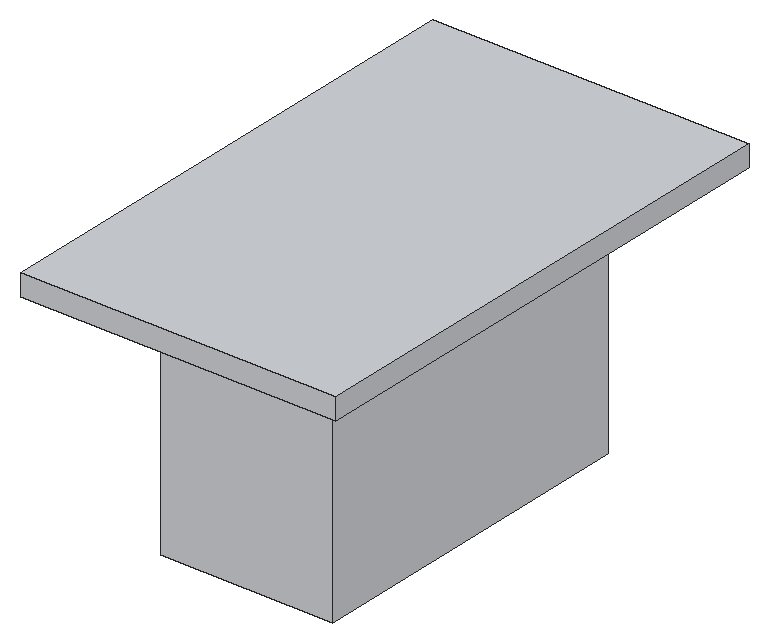
Revit family "bc8ea3b6f60144f49e5deb04293f44c4", category Telephone Devices, host Face, Revit 2021
Family settings
  Host = Face
  Maintain Annotation Orientation = Yes
  Round Connector Dimension = Use Diameter
  Part Type = Normal
  OmniClass Number = 23.85.50.14
  OmniClass Title = Telephone and Intercommunication Equipment
  Seek Item ID = Telephone Outlet - Dual-0000-USA-ENU
  Cut with Voids When Loaded = No
  Shared = No
  Room Calculation Point = No
Parameters (values of type "Standard")
  Default Elevation = 1' - 6"
  Assembly Code = ""
Reference planes (in)
  plane 1 "Center (Front/Back)": y = 0
  plane 2: z = 0
  plane 3 "Center (Left/Right)": x = 0
  plane 4: x = -1.375
  plane 5: x = -0.75
  plane 6: y = 2.25
  plane 7: y = 1.5
  plane 8: x = 1.375
  plane 9: x = 0.75
  plane 10: y = -2.25
  plane 11: y = -1.5
  plane 12: z = 0.1875
  plane 13: z = -2.125
Forms (in)
  Extrusion 1, solid
    sketch origin (0, 0, 0) x (1, 0, 0) y (0, 1, 0)
      loop
        line (-0.75, 1.5) -> (-0.75, -1.5) -> (0.75, -1.5) -> (0.75, 1.5) -> (-0.75, 1.5)
    from -2.125 to 0
  Extrusion 2, solid
    sketch origin (0, 0, 0) x (1, 0, 0) y (0, 1, 0)
      loop
        line (-1.375, 2.25) -> (-1.375, -2.25) -> (1.375, -2.25) -> (1.375, 2.25) -> (-1.375, 2.25)
    from 0 to 0.1875
Lines and regions (in)
  symbolic lines, detail levels fine
    curve 1: line (-1.375, 0, 0) -> (1.375, 0, 0)
    curve 2: line (-1.375, 0, 0.1875) -> (-1.375, 0, 0)
    curve 3: line (1.375, 0, 0.1875) -> (-1.375, 0, 0.1875)
    curve 4: line (1.375, 0, 0) -> (1.375, 0, 0.1875)
    curve 5: line (-0.75, 0, -2.125) -> (0.75, 0, -2.125)
    curve 6: line (-0.75, 0, 0) -> (-0.75, 0, -2.125)
    curve 7: line (0.75, 0, -2.125) -> (0.75, 0, 0)
Dimensions and locks (in)
  locked: plane 5 to plane 9 at 1.5
  locked: plane 4 to plane 8 at 2.75
  locked: plane 10 to plane 6 at 4.5
  locked: plane 7 to plane 11 at 3
  locked: host face to plane 13 at 2.125
  locked: plane 12 to host face at 0.1875
  aligned and locked: plane 2 to host face
  aligned and locked: level to host face
  aligned and locked: plane 5 to Extrusion 1 sketch curve
  aligned and locked: Extrusion 1 sketch curve to plane 7
  aligned and locked: plane 11 to Extrusion 1 sketch curve
  aligned and locked: plane 9 to Extrusion 1 sketch curve
  aligned and locked: plane 4 to Extrusion 2 sketch curve
  aligned and locked: Extrusion 2 sketch curve to plane 6
  aligned and locked: plane 10 to Extrusion 2 sketch curve
  aligned and locked: plane 8 to Extrusion 2 sketch curve
  aligned and locked: Extrusion 1 to plane 13
  aligned and locked: plane 12 to Extrusion 2
  aligned and locked: host face to Extrusion 1
  aligned and locked: Extrusion 2 to host face
  aligned and locked: Extrusion 2 to plane 12
  aligned and locked: Extrusion 1 to host face
  aligned and locked: plane 13 to Extrusion 1
  aligned and locked: plane 4 to curve 2
  aligned and locked: plane 8 to curve 4
  aligned and locked: plane 12 to curve 3
  aligned and locked: curve 1 to plane 2
  aligned and locked: plane 5 to curve 6
  aligned and locked: plane 9 to curve 7
  aligned and locked: curve 5 to plane 13
  aligned and locked: plane 1 "Center (Front/Back)" to nested 1
  aligned and locked: plane 3 "Center (Left/Right)" to nested 1
Nested families (in)
  nested 1: "Telephone Dual Annotation" at (0, 0, 0), type "Telephone Dual Annotation", detail levels coarse+medium
Connectors (in)
  electrical at (0, 1.5, -1.0625)
    settings: on Extrusion 1, index 1, voltage 0 V, apparent load 0 VA, apparent load phase1 0 VA, apparent load phase2 0 VA, apparent load phase3 0 VA, power factor 1, load classification "Other", number of poles 1, system type 9, power factor state 1, is connector primary yes, connector utility no, sub classification motor no, connector description ""
Definition of nested family "Telephone Dual Annotation"
  Parameters
    Label Annotation = ""
  Reference planes (in)
    plane 1: y = 0
    plane 2: x = 0
  Lines and regions (in)
    reference lines
      curve 1: line (-0.05469, 0.2277, 0) -> (-0.05469, -0.28638, 0)
      curve 2: line (0.05469, 0.29601, 0) -> (0.05469, -0.28638, 0)
      curve 3: line (-0.2699, 0.10938, 0) -> (0.35142, 0.10938, 0)
      curve 4: line (-0.37147, 0, 0) -> (0.37853, 0, 0)
    detail lines
      curve 5: line (-0.05469, 0.10938, 0) -> (0.05469, 0.10938, 0)
      curve 6: line (-0.05469, 0.10938, 0) -> (0, 0, 0)
      curve 7: line (0.05469, 0.10938, 0) -> (0, 0, 0)
      curve 8: line (0, 0.10938, 0) -> (0, 0, 0)
  Dimensions and locks (in)
    locked: curve 1 to plane 2 at 0.05469
    locked: plane 2 to curve 2 at 0.05469
    locked: curve 4 to curve 3 at 0.10938
    locked: curve 4 to plane 1
    aligned and locked: curve 3 to curve 5
    aligned and locked: plane 1 to curve 7
    aligned and locked: plane 2 to curve 7
    aligned and locked: plane 1 to curve 6
    aligned and locked: plane 2 to curve 6
    aligned and locked: curve 2 to curve 7
    aligned and locked: curve 3 to curve 7
    aligned and locked: curve 1 to curve 6
    aligned and locked: curve 3 to curve 6
    aligned and locked: curve 3 to curve 8
    aligned and locked: plane 1 to curve 8
    aligned and locked: curve 8 to plane 2
